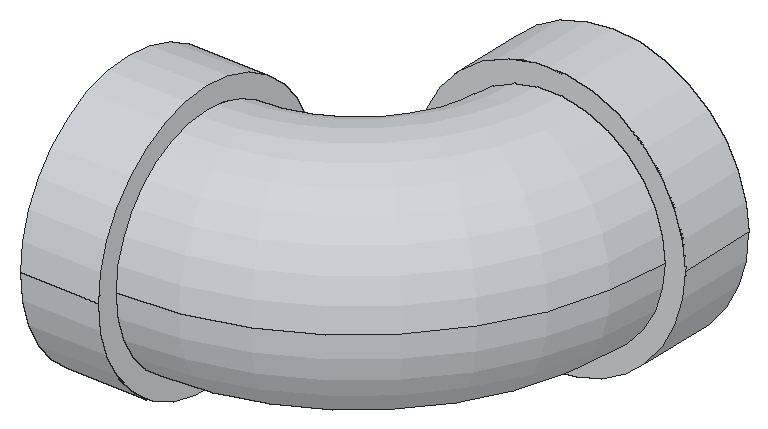
Revit family "M_Elbow - Threaded - MI - Class 150", category Pipe Fittings, Revit 2014
Parameters (values of type "Standard")
  Tick Size [instance] = Fitting Outside Diameter * 0.4  # 5.952 mm
  Metal Thickness [instance] = size_lookup(Lookup Table Name, "MThk", 0.04 * Nominal Diameter + 2.183 mm, Nominal Diameter)  # 2.29 mm
  Lookup Table Name = "M_Elbow - Threaded - MI - Class 150"
  Length 3 [instance] = Center to End * sin(Angle)  # 17.5 mm
  Length 2 [instance] = Center to End * cos(Angle) + Center to End  # 17.5 mm
  Fitting Outside Radius [instance] = Fitting Outside Diameter / 2  # 7.44 mm
  Fitting Outside Diameter [instance] = Fitting Inside Diameter + Metal Thickness * 2  # 14.88 mm
  Length 1 [instance] = (Fitting Outside Radius + 0.794 mm) * tan(Angle / 2) + Band Width  # 13.334 mm
  Nominal Radius [instance] = 3 mm
  Nominal Diameter [instance] = Nominal Radius * 2  # 6 mm
  Fitting Inside Diameter [instance] = size_lookup(Lookup Table Name, "FID", 1.08 * Nominal Diameter + 5.159 mm, Nominal Diameter)  # 10.3 mm
  Center to End 1 [instance] = size_lookup(Lookup Table Name, "CtE1", 0.78 * Nominal Diameter + 16.966 mm, Nominal Diameter)  # 17.5 mm
  Center to End 2 [instance] = size_lookup(Lookup Table Name, "CtE2", 0.5 * Nominal Diameter + 15.677 mm, Nominal Diameter)  # 16.7 mm
  Center to End [instance] = if(and(Angle > 0.00°, (not(Angle > 45.00°))), if(Center to End 2 > Fitting Outside Radius * tan(Angle / 2) + Band Width, Center to End 2, Length 1), if(Center to End 1 > Fitting Outside Radius * tan(Angle / 2) + Band Width, Center to End 1, Length 1))  # 17.5 mm
  Center Radius [instance] = (Center to End - Band Width) / tan(Angle / 2)  # 12.4 mm
  Band Width [instance] = size_lookup(Lookup Table Name, "BWid", 0.12 * Nominal Diameter + 4.465 mm, Nominal Diameter)  # 5.1 mm
  Band Outside Radius [instance] = Band Outside Diameter / 2  # 8.8 mm
  Band Outside Diameter [instance] = size_lookup(Lookup Table Name, "BOD", 1.23 * Nominal Diameter + 12.402 mm, Nominal Diameter)  # 17.6 mm
  Assembly Code = ""
  Angle [instance] = 90.00°
Reference planes
  plane 1 "Center (Front/Back)": y = 0
  plane 2: z = 0
  plane 3 "Center (Left/Right)": x = 0
  plane 4: x = -12.4
  plane 5: x = -17.5
  plane 6: y = 12.4
  plane 7: y = 5.952
  plane 8: y = -5.952
  plane 9: x = 0
  plane 10: y = 17.5
Forms (mm)
  Sweep 1, solid, detail levels fine
    path in 3D
      loop
        arc (-12.4, 0, 0) -> (-3.632, 3.632, 0) -> (0, 12.4, 0) r 12.4
    profile origin (-3.632, 3.632, 0) x (-0.707107, 0.707107, 0) y (0, 0, 1)
      loop
        circle (0, 0) r 7.44
  Sweep 2, solid, detail levels fine
    path in 3D
      loop
        line (-17.5, 0, 0) -> (-12.4, 0, 0)
    profile origin (-14.95, 0, 0) x (0, 1, 0) y (0, 0, 1)
      loop
        circle (0, 0) r 8.8
  Sweep 3, solid, detail levels fine
    path in 3D
      loop
        line (0, 12.4, 0) -> (0, 17.5, 0)
    profile origin (0, 14.95, 0) x (-1, 0, 0) y (0, 0, 1)
      loop
        circle (0, 0) r 8.8
Cuts and joins
  joined: Sweep 1, Sweep 2, Sweep 3
Lines and regions (mm)
  model lines, detail levels coarse+medium
    curve 1: line (-17.5, 0, 0) -> (-12.4, 0, 0)
    curve 2: arc (-12.4, 0, 0) -> (-3.632, 3.632, 0) -> (0, 12.4, 0) r 12.4
    curve 3: line (0, 12.4, 0) -> (0, 17.5, 0)
    curve 8: line (-17.5, 0, 0) -> (-17.5, 5.952, 0)
    curve 9: line (-17.5, 0, 0) -> (-17.5, -5.952, 0)
    curve 10: line (0, 17.5, 0) -> (-5.952, 17.5, 0)
    curve 11: line (0, 17.5, 0) -> (5.952, 17.5, 0)
  sketch lines
    curve 4: arc (-12.4, 0, 0) -> (-3.632, 3.632, 0) -> (0, 12.4, 0) r 12.4
    curve 5: line (-17.5, 0, 0) -> (-12.4, 0, 0)
    curve 6: line (0, 12.4, 0) -> (0, 17.5, 0)
  reference lines
    curve 7: line (-17.5, 0, 0) -> (-12.4, 0, 0)
    curve 12: line (0, 17.5, 0) -> (0, 12.4, 0)
Dimensions and locks
  "Center Radius": plane 6 to plane 1 "Center (Front/Back)"
  "Band Width": plane 5 to plane 4
  "Tick Size": plane 7 to plane 1 "Center (Front/Back)"
  "Tick Size": plane 8 to plane 1 "Center (Front/Back)"
  "Band Width": curve 3 to curve 3
  "Tick Size": curve 10 to curve 10
  "Tick Size": curve 11 to curve 11
  "Center to End": plane 5 to plane 3 "Center (Left/Right)"
  "Length 2": plane 5 to plane 9
  "Length 3": plane 10 to plane 1 "Center (Front/Back)"
  "Center Radius": radius of curve 2
  "Fitting Outside Radius": radius of Sweep 1 sketch curve
  "Band Outside Radius": radius of Sweep 2 sketch curve
  "Band Outside Radius": radius of Sweep 3 sketch curve
  "Angle": angle curve 2 to curve 2
  "Angle": angle plane 1 "Center (Front/Back)" to curve 3
  locked: curve 11 to curve 3 (angle 90.00°)
  locked: curve 3 to curve 10 (angle 90.00°)
  "Angle": angle plane 10 to curve 12
  aligned and locked: plane 4 to curve 2
  aligned and locked: plane 5 to curve 7
  aligned and locked: plane 1 "Center (Front/Back)" to curve 7
  aligned and locked: plane 7 to curve 8
  aligned and locked: plane 1 "Center (Front/Back)" to curve 9
  aligned and locked: plane 8 to curve 9
  aligned and locked: curve 9 to plane 5
  aligned and locked: plane 10 to curve 12
  aligned and locked: plane 9 to curve 12
Automatic sketch dimensions
  Sweep 1 sketch curve to profile plane = 0 mm  (x2)
  Sweep 2 sketch curve to profile plane = 0 mm  (x2)
  Sweep 3 sketch curve to profile plane = 0 mm  (x2)
  curve 7 to plane 4 = 0 mm
Connectors
  piping at (-17.5, 0, 0), diameter 6, driven by "Angle", driven by "Nominal Radius"
    settings: on cut or joined group of Sweep 1, Sweep 2, Sweep 3, index 1, connector inside diameter 6 mm, connector length 0 mm, flow factor 0, pipe flow 0.0 L/s, pressure drop 0.0 Pa, fitting loss kfactor 0, connector angle 90.00°, fixture units 0, engagement length 0 mm, angle of deflection 0.00°, flow configuration 0, flow direction 0, fitting loss method 0, system type 28, joint type 0, gender type 0, connector reference index 2, connector utility 0, adjustable connector no, is connector primary yes, connector description ""
  piping at (0, 17.5, 0), diameter 6, driven by "Angle", driven by "Nominal Radius"
    settings: on cut or joined group of Sweep 1, Sweep 2, Sweep 3, index 2, connector inside diameter 6 mm, connector length 0 mm, flow factor 0, pipe flow 0.0 L/s, pressure drop 0.0 Pa, fitting loss kfactor 0, connector angle 90.00°, fixture units 0, engagement length 0 mm, angle of deflection 0.00°, flow configuration 0, flow direction 0, fitting loss method 0, system type 28, joint type 0, gender type 0, connector reference index 1, connector utility 0, adjustable connector no, is connector primary no, connector description ""
